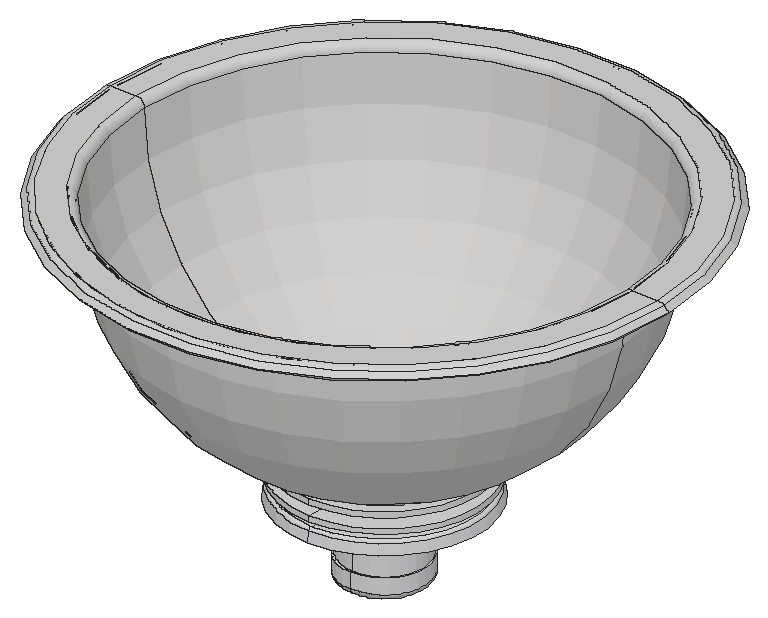
Revit family "Sink-Undermount-Kitchen-KOHLER-Undertone-K-3339_1", category Plumbing Fixtures, host Face, Revit 2017
Family settings
  Host = Face
  Round Connector Dimension = Use Diameter
  Part Type = Normal
  OmniClass Number = 23.31.13.00
  OmniClass Title = Sinks
  Cut with Voids When Loaded = No
  Shared = No
  Room Calculation Point = No
Parameters (values of type "NA-Stainless Steel")
  Width = 13 5/8"  # constant formula
  WaterSense Certified = 1 = 0  # no
  Waste Water Outlet = "Waste Water Outlet"  # constant formula
  Waste Connection = 1 = 1  # yes
  Vent Connection = 1 = 0  # no
  URL = "https://www.us.kohler.com/us/"
  Type = 1
  Product Page URL = "http://www.us.kohler.com/us/catalog/productDetails.jsp?productNumber=3339"
  Product Name = "Undertone"  # constant formula
  Product Documentation Link = "https://www.us.kohler.com/webassets/kpna/catalog/pdf/en/K-3339_spec.pdf"
  Model = "K-3339-NA"  # constant formula
  Material = "Premium 18-Gauge Stainless Steel"  # constant formula
  MasterFormat 2004 = "22.41.16"  # constant formula
  MasterFormat 1995 = "15410"  # constant formula
  Manufacturer Address = "444 Highland Dr, Kohler, WI 53044"  # constant formula
  Manufacturer = "KOHLER Co."  # constant formula
  Length = 13 5/8"  # constant formula
  Hot Water Inlet = "Hot Water Inlet"  # constant formula
  Height = 5 1/2"  # constant formula
  HW Connection = 1 = 0  # no
  Finish = Kohler-Metal-NA-Stainless
  Environmental Product Declaration = ""
  Drain Included = 1 = 0  # no
  Description = "13-5/8inch diameter x 5-1/2inch Undermount single-bowl kitchen sink"  # constant formula
  Default Elevation = 36"
  Declare Label = ""
  Date Modified = "03/02/2020"  # constant formula
  Date Created = "03/02/2020"  # constant formula
  Copyright = "Copyright KOHLER Co."  # constant formula
  Contact Us = "https://www.us.kohler.com/us/static/contact.jsp"
  Cold Water Inlet = "Cold Water Inlet"  # constant formula
  CW Connection = 1 = 0  # no
  Assembly Code = "D2010400"
  ADA Compliant = 1 = 0  # no
Reference planes (in)
  plane 1 "Center (Front/Back)": y = 0
  plane 2: z = 0
  plane 3 "Center (Left/Right)": x = 0
  plane 4: z = -1
  plane 5: y = 6.8125
  plane 6: y = -6.8125
  plane 7: x = -6.8125
  plane 8: x = 6.8125
  plane 9: z = -9.185
  plane 10: z = -6.5
  plane 11: y = 5.6875
  plane 12: y = -5.6875
  plane 13: x = -5.6875
  plane 14: x = 5.6875
  plane 15: z = -1.25
Forms (in)
  Extrusion 1, void
    sketch origin (0, 0, 0) x (1, 0, 0) y (0, 1, 0)
      loop
        circle (0, 0) r 5.75
    from -1 to 0
  Extrusion 2, void
    sketch origin (0, 0, 0) x (1, 0, 0) y (0, 1, 0)
      loop
        circle (0, 0) r 6.8125
    from -1 to -9.185
Dimensions and locks (in)
  locked: level to plane 4 at 1
  locked: plane 4 to plane 9 at 8.185
  "Height": plane 4 to plane 10
  "Width": plane 7 to plane 8
  "Length": plane 6 to plane 5
  locked: plane 4 to plane 15 at 0.25
  locked: plane 12 to plane 6 at 1.125
  locked: plane 7 to plane 3 "Center (Left/Right)" at 6.8125
  aligned and locked: plane 2 to host face
  aligned and locked: level to host face
  aligned and locked: plane 1 "Center (Front/Back)" to nested 1
  aligned and locked: plane 3 "Center (Left/Right)" to nested 1
Automatic sketch dimensions
  host sketch curve to host sketch curve = 96"  (x2)
  plane 1 "Center (Front/Back)" to Extrusion 2 sketch curve = 0"
  Extrusion 2 sketch curve to plane 3 "Center (Left/Right)" = 0"
  radius of Extrusion 2 sketch curve = 6 13/16"
Nested families (in)
  nested 1: "K-3339" at (0, 0, -1), type "K-3339"
Connectors (in)
  piping at (0, 0, -9.0488), diameter 1.5, driven by "Waste Connection", driven by "Waste Water Outlet"
    settings: on nested 1, index 1, connector inside diameter 24", connector length 0", flow factor 0, pipe flow 0 GPM, pressure drop 0.00 psi, fitting loss kfactor 0, connector angle 0.00°, fixture units 0, engagement length 0", angle of deflection 0.00°, flow configuration 0, flow direction 2, fitting loss method 0, system type 16, joint type 0, gender type 0, connector reference index -1, connector utility 1, adjustable connector no, is connector primary yes, connector description "Waste Water Outlet"
Definition of nested family "K-3339"
  Parameters (values of type "K-3339")
    Material = none
  Reference planes (in)
    plane 1 "Center (Front/Back)": y = 0
    plane 2: z = 0
    plane 3 "Center (Left/Right)": x = 0
    plane 4: z = -0.25
    plane 5: y = 6.8125
    plane 6: y = -6.8125
    plane 7: x = -6.8125
    plane 8: x = 6.8125
    plane 9: z = -5.5
    plane 10: y = 5.6875
    plane 11: y = -5.6875
    plane 12: x = -5.6875
    plane 13: x = 5.6875
    plane 14: z = -8.185
  Forms (in)
    Revolve 1, solid, material <- "Material", detail levels medium+fine
      sketch origin (0, 0, 0) x (1, 0, 0) y (0, 0, 1)
        loop
          arc (-6.55904, 0) -> (-6.63519, -0.01584) -> (-6.69872, -0.06073) r 0.19098
          line (-6.69872, -0.06073) -> (-6.8125, -0.18275) -> (-6.74038, -0.25) -> (-6.59764, -0.09693)
          arc (-6.59764, -0.09693) -> (-6.54647, -0.06076) -> (-6.48512, -0.048) r 0.15386
          line (-6.48512, -0.048) -> (-5.94222, -0.048)
          arc (-5.94222, -0.048) -> (-5.83928, -0.09124) -> (-5.79809, -0.19502) r 0.14416
          arc (-5.79809, -0.19502) -> (-4.89383, -3.27685) -> (-2.38614, -5.28356) r 5.34334
          arc (-2.38614, -5.28356) -> (-2.37214, -5.29144) -> (-2.36093, -5.30296) r 0.05629
          line (-2.36093, -5.30296) -> (-2.30604, -5.37851)
          arc (-2.30604, -5.37851) -> (-2.28711, -5.39742) -> (-2.26324, -5.40951) r 0.0851
          line (-2.26324, -5.40951) -> (-1.98169, -5.5) -> (-1.96615, -5.45165) -> (-2.23515, -5.3652)
          arc (-2.23515, -5.3652) -> (-2.25609, -5.35459) -> (-2.27271, -5.338) r 0.07467
          line (-2.27271, -5.338) -> (-2.30736, -5.29031)
          arc (-2.30736, -5.29031) -> (-2.3428, -5.25379) -> (-2.38707, -5.22869) r 0.1795
          arc (-2.38707, -5.22869) -> (-4.85763, -3.23963) -> (-5.74731, -0.1952) r 5.29256
          arc (-5.74731, -0.1952) -> (-5.80197, -0.05741) -> (-5.93864, 0) r 0.19138
          line (-5.93864, 0) -> (-6.55904, 0)
        axis (0, 0) -> (0, -5.5)
      angle from 0 to 360
    Revolve 2, solid, detail levels medium+fine
      sketch origin (0, 0, 0) x (0, 1, 0) y (0, 0, 1)
        loop
          line (0.75, -8.185) -> (0.86622, -8.185)
          arc (0.86622, -8.185) -> (0.95551, -8.14801) -> (0.9925, -8.05872) r 0.12628
          line (0.9925, -8.05872) -> (0.9925, -7.695) -> (0.93922, -7.695) -> (0.93922, -7.21492)
          arc (0.93922, -7.21492) -> (0.9845, -7.06681) -> (1.10486, -6.96935) r 0.26486
          line (1.10486, -6.96935) -> (1.55815, -6.78621)
          arc (1.55815, -6.78621) -> (1.64955, -6.7122) -> (1.68393, -6.59972) r 0.20113
          line (1.68393, -6.59972) -> (1.68393, -6.495) -> (2.28977, -6.495) -> (2.24831, -6.25985)
          arc (2.24831, -6.25985) -> (2.22147, -6.21336) -> (2.17103, -6.195) r 0.07848
          line (2.17103, -6.195) -> (1.68393, -6.195) -> (1.68393, -6.055) -> (2.25, -6.055) -> (2.25, -5.935) -> (1.68393, -5.935) -> (1.68393, -5.695) -> (2.25, -5.695) -> (2.25, -5.57) -> (1.77552, -5.57) -> (1.77552, -5.43627) -> (2.24609, -5.35329) -> (2.24609, -5.32) -> (1.80686, -5.32) -> (1.75904, -5.36782)
          arc (1.75904, -5.36782) -> (1.6411, -5.43579) -> (1.59451, -5.56369) r 0.19886
          line (1.59451, -5.56369) -> (1.59451, -6.50631)
          arc (1.59451, -6.50631) -> (1.56042, -6.61782) -> (1.4698, -6.69119) r 0.1994
          line (1.4698, -6.69119) -> (1.12172, -6.83183) -> (0, -6.83183) -> (0, -8.0488) -> (0.75, -8.0488) -> (0.75, -8.185)
        axis (0, -5.32) -> (0, -8.185)
      angle from 0 to 360
    Revolve 3, solid, detail levels medium+fine
      sketch origin (0, 0, 0) x (0, 1, 0) y (0, 0, 1)
        loop
          line (1.7515, -5.32) -> (1.67753, -5.32)
          arc (1.67753, -5.32) -> (1.5712, -5.36242) -> (1.52327, -5.46639) r 0.15448
          line (1.52327, -5.46639) -> (1.49134, -6.07561)
          arc (1.49134, -6.07561) -> (1.46207, -6.1391) -> (1.39714, -6.165) r 0.09432
          line (1.39714, -6.165) -> (0.28119, -6.165) -> (0.28119, -6.01545)
          arc (0.28119, -6.01545) -> (0.26934, -5.98685) -> (0.24074, -5.975) r 0.04045
          line (0.24074, -5.975) -> (0.14838, -5.975) -> (0.14838, -5.32) -> (0.2604, -5.32)
          arc (0.2604, -5.32) -> (0.30964, -5.27882) -> (0.27782, -5.22307) r 0.05003
          arc (0.27782, -5.22307) -> (0.14113, -5.18572) -> (0, -5.17314) r 0.79797
          line (0, -5.17314) -> (0, -6.195) -> (1.39792, -6.195)
          arc (1.39792, -6.195) -> (1.48299, -6.16106) -> (1.52133, -6.07788) r 0.12358
          line (1.52133, -6.07788) -> (1.55338, -5.46641)
          arc (1.55338, -5.46641) -> (1.59064, -5.38558) -> (1.6733, -5.3526) r 0.12009
          line (1.6733, -5.3526) -> (1.7515, -5.3526) -> (1.7515, -5.32)
        axis (0, -5.17314) -> (0, -6.195)
      angle from 0 to 360
    Extrusion 4, void
      sketch origin (0, 0, 0) x (1, 0, 0) y (0, 1, 0)
        loop
          circle (0, 0.62436) r 0.09485
        loop
          circle (0, 0.95261) r 0.09485
        loop
          circle (0, 1.28075) r 0.09485
        loop
          circle (0.31218, 0.54071) r 0.09485
        loop
          circle (0.62436, 0) r 0.09485
        loop
          circle (0.54071, 0.31218) r 0.09485
        loop
          circle (0.29437, 0.90599) r 0.09485
        loop
          circle (0.55993, 0.77068) r 0.09485
        loop
          circle (0.77068, 0.55993) r 0.09485
        loop
          circle (0.90599, 0.29437) r 0.09485
        loop
          circle (0.95261, 0) r 0.09485
        loop
          circle (0.28527, 1.24858) r 0.09485
        loop
          circle (0.5484, 1.13023) r 0.09485
        loop
          circle (0.79921, 1.00079) r 0.09485
        loop
          circle (1.00205, 0.79764) r 0.09485
        loop
          circle (1.15454, 0.5544) r 0.09485
        loop
          circle (1.24902, 0.28331) r 0.09485
        loop
          circle (1.28075, 0) r 0.09485
        loop
          circle (-0.31218, 0.54071) r 0.09485
        loop
          circle (-0.54071, 0.31218) r 0.09485
        loop
          circle (-0.29437, 0.90599) r 0.09485
        loop
          circle (-0.55993, 0.77068) r 0.09485
        loop
          circle (-0.77068, 0.55993) r 0.09485
        loop
          circle (-0.90599, 0.29437) r 0.09485
        loop
          circle (-0.28527, 1.24858) r 0.09485
        loop
          circle (-0.55622, 1.15367) r 0.09485
        loop
          circle (-0.79921, 1.00079) r 0.09485
        loop
          circle (-1.00205, 0.79764) r 0.09485
        loop
          circle (-1.15454, 0.5544) r 0.09485
        loop
          circle (-1.24902, 0.28331) r 0.09485
        loop
          circle (-0.62436, 0) r 0.09485
        loop
          circle (-0.95261, 0) r 0.09485
        loop
          circle (-1.28075, 0) r 0.09485
        loop
          circle (0, -0.62436) r 0.09485
        loop
          circle (0, -0.95261) r 0.09485
        loop
          circle (0, -1.28075) r 0.09485
        loop
          circle (0.31218, -0.54071) r 0.09485
        loop
          circle (0.54071, -0.31218) r 0.09485
        loop
          circle (0.29437, -0.90599) r 0.09485
        loop
          circle (0.55993, -0.77068) r 0.09485
        loop
          circle (0.77068, -0.55993) r 0.09485
        loop
          circle (0.90599, -0.29437) r 0.09485
        loop
          circle (0.28527, -1.24858) r 0.09485
        loop
          circle (0.55622, -1.15367) r 0.09485
        loop
          circle (0.79921, -1.00079) r 0.09485
        loop
          circle (1.00205, -0.79764) r 0.09485
        loop
          circle (1.15454, -0.5544) r 0.09485
        loop
          circle (1.24902, -0.28331) r 0.09485
        loop
          circle (-0.31218, -0.54071) r 0.09485
        loop
          circle (-0.54071, -0.31218) r 0.09485
        loop
          circle (-0.29437, -0.90599) r 0.09485
        loop
          circle (-0.55993, -0.77068) r 0.09485
        loop
          circle (-0.77068, -0.55993) r 0.09485
        loop
          circle (-0.90599, -0.29437) r 0.09485
        loop
          circle (-0.28527, -1.24858) r 0.09485
        loop
          circle (-0.55622, -1.15367) r 0.09485
        loop
          circle (-0.79921, -1.00079) r 0.09485
        loop
          circle (-1.00205, -0.79764) r 0.09485
        loop
          circle (-1.15454, -0.5544) r 0.09485
        loop
          circle (-1.24902, -0.28331) r 0.09485
      from -6.35843 to -5.935
    Revolve 5, solid, material <- "Material", detail levels coarse
      sketch origin (0, 0, 0) x (1, 0, 0) y (0, 0, 1)
        loop
          arc (-5.7989, -0.25) -> (-4.66352, -3.59447) -> (-1.68971, -5.5) r 5.34334
          line (-1.68971, -5.5) -> (0, -5.5) -> (0, -5.39844) -> (-1.67777, -5.39844)
          arc (-1.67777, -5.39844) -> (-4.66328, -3.42733) -> (-5.68893, 0) r 5.24178
          line (-5.68893, 0) -> (-6.8125, 0) -> (-6.8125, -0.25) -> (-5.7989, -0.25)
        axis (0, 0) -> (0, -5.5)
      angle from 0 to 360
    Extrusion 6, solid, material <- "Material", detail levels coarse
      sketch origin (0, 0, 0) x (1, 0, 0) y (0, 1, 0)
        loop
          circle (0, 0) r 1.68971
      from -8.185 to -5.5
  Cuts and joins
    joined: Revolve 5, Extrusion 6
    Extrusion 4 cuts Revolve 3
    joined: Revolve 2, Revolve 3
  Lines and regions (in)
    Masking region 1
      outline origin (0, 0, 0) x (1, 0, 0) y (0, 0, 1)
        loop
          arc (-6.55904, 0) -> (-6.63519, -0.01584) -> (-6.69872, -0.06073) r 0.19098
          line (-6.69872, -0.06073) -> (-6.8125, -0.18275) -> (-6.74038, -0.25) -> (-5.7989, -0.25)
          arc (-5.7989, -0.25) -> (-4.87846, -3.29965) -> (-2.38614, -5.28356) r 5.34334
          arc (-2.38614, -5.28356) -> (-2.37214, -5.29144) -> (-2.36093, -5.30296) r 0.05629
          line (-2.36093, -5.30296) -> (-2.30604, -5.37851)
          arc (-2.30604, -5.37851) -> (-2.28711, -5.39742) -> (-2.26324, -5.40951) r 0.0851
          line (-2.26324, -5.40951) -> (-1.98169, -5.5) -> (-1.77552, -5.5) -> (-1.77552, -5.57) -> (-2.25, -5.57) -> (-2.25, -5.695) -> (-1.68393, -5.695) -> (-1.68393, -5.935) -> (-2.25, -5.935) -> (-2.25, -6.055) -> (-1.68393, -6.055) -> (-1.68393, -6.195) -> (-2.17103, -6.195)
          arc (-2.17103, -6.195) -> (-2.22147, -6.21336) -> (-2.24831, -6.25985) r 0.07848
          line (-2.24831, -6.25985) -> (-2.28977, -6.495) -> (-1.68393, -6.495) -> (-1.68393, -6.59972)
          arc (-1.68393, -6.59972) -> (-1.64955, -6.7122) -> (-1.55815, -6.78621) r 0.20113
          line (-1.55815, -6.78621) -> (-1.10486, -6.96935)
          arc (-1.10486, -6.96935) -> (-0.9845, -7.06681) -> (-0.93922, -7.21492) r 0.26486
          line (-0.93922, -7.21492) -> (-0.93922, -7.695) -> (-0.9925, -7.695) -> (-0.9925, -8.05872)
          arc (-0.9925, -8.05872) -> (-0.95551, -8.14801) -> (-0.86622, -8.185) r 0.12628
          line (-0.86622, -8.185) -> (0.86622, -8.185)
          arc (0.86622, -8.185) -> (0.95551, -8.14801) -> (0.9925, -8.05872) r 0.12628
          line (0.9925, -8.05872) -> (0.9925, -7.695) -> (0.93922, -7.695) -> (0.93922, -7.21492)
          arc (0.93922, -7.21492) -> (0.9845, -7.06681) -> (1.10486, -6.96935) r 0.26486
          line (1.10486, -6.96935) -> (1.55815, -6.78621)
          arc (1.55815, -6.78621) -> (1.64955, -6.7122) -> (1.68393, -6.59972) r 0.20113
          line (1.68393, -6.59972) -> (1.68393, -6.495) -> (2.28977, -6.495) -> (2.24831, -6.25985)
          arc (2.24831, -6.25985) -> (2.22147, -6.21336) -> (2.17103, -6.195) r 0.07848
          line (2.17103, -6.195) -> (1.68393, -6.195) -> (1.68393, -6.055) -> (2.25, -6.055) -> (2.25, -5.935) -> (1.68393, -5.935) -> (1.68393, -5.695) -> (2.25, -5.695) -> (2.25, -5.57) -> (1.77552, -5.57) -> (1.77552, -5.5) -> (1.98169, -5.5) -> (2.26324, -5.40951)
          arc (2.26324, -5.40951) -> (2.28711, -5.39742) -> (2.30604, -5.37851) r 0.0851
          line (2.30604, -5.37851) -> (2.36093, -5.30296)
          arc (2.36093, -5.30296) -> (2.37214, -5.29144) -> (2.38614, -5.28356) r 0.05629
          arc (2.38614, -5.28356) -> (4.87846, -3.29965) -> (5.7989, -0.25) r 5.34334
          line (5.7989, -0.25) -> (6.74038, -0.25) -> (6.8125, -0.18275) -> (6.69872, -0.06073)
          arc (6.69872, -0.06073) -> (6.63519, -0.01584) -> (6.55904, 0) r 0.19098
          line (6.55904, 0) -> (-6.55904, 0)
    Masking region 2
      outline origin (0, 0, 0) x (0, 1, 0) y (0, 0, 1)
        loop
          line (6.55904, 0) -> (-6.55904, 0)
          arc (-6.55904, 0) -> (-6.63519, -0.01584) -> (-6.69872, -0.06073) r 0.19098
          line (-6.69872, -0.06073) -> (-6.8125, -0.18275) -> (-6.74038, -0.25) -> (-5.7989, -0.25)
          arc (-5.7989, -0.25) -> (-4.87846, -3.29965) -> (-2.38614, -5.28356) r 5.34334
          arc (-2.38614, -5.28356) -> (-2.37214, -5.29144) -> (-2.36093, -5.30296) r 0.05629
          line (-2.36093, -5.30296) -> (-2.30604, -5.37851)
          arc (-2.30604, -5.37851) -> (-2.28711, -5.39742) -> (-2.26324, -5.40951) r 0.0851
          line (-2.26324, -5.40951) -> (-1.98169, -5.5) -> (-1.77552, -5.5) -> (-1.77552, -5.57) -> (-2.25, -5.57) -> (-2.25, -5.695) -> (-1.68393, -5.695) -> (-1.68393, -5.935) -> (-2.25, -5.935) -> (-2.25, -6.055) -> (-1.68393, -6.055) -> (-1.68393, -6.195) -> (-2.17103, -6.195)
          arc (-2.17103, -6.195) -> (-2.22147, -6.21336) -> (-2.24831, -6.25985) r 0.07848
          line (-2.24831, -6.25985) -> (-2.28977, -6.495) -> (-1.68393, -6.495) -> (-1.68393, -6.59972)
          arc (-1.68393, -6.59972) -> (-1.64955, -6.7122) -> (-1.55815, -6.78621) r 0.20113
          line (-1.55815, -6.78621) -> (-1.10486, -6.96935)
          arc (-1.10486, -6.96935) -> (-0.9845, -7.06681) -> (-0.93922, -7.21492) r 0.26486
          line (-0.93922, -7.21492) -> (-0.93922, -7.695) -> (-0.9925, -7.695) -> (-0.9925, -8.05872)
          arc (-0.9925, -8.05872) -> (-0.95551, -8.14801) -> (-0.86622, -8.185) r 0.12628
          line (-0.86622, -8.185) -> (0.86622, -8.185)
          arc (0.86622, -8.185) -> (0.95551, -8.14801) -> (0.9925, -8.05872) r 0.12628
          line (0.9925, -8.05872) -> (0.9925, -7.695) -> (0.93922, -7.695) -> (0.93922, -7.21492)
          arc (0.93922, -7.21492) -> (0.9845, -7.06681) -> (1.10486, -6.96935) r 0.26486
          line (1.10486, -6.96935) -> (1.55815, -6.78621)
          arc (1.55815, -6.78621) -> (1.64955, -6.7122) -> (1.68393, -6.59972) r 0.20113
          line (1.68393, -6.59972) -> (1.68393, -6.495) -> (2.28977, -6.495) -> (2.24831, -6.25985)
          arc (2.24831, -6.25985) -> (2.22147, -6.21336) -> (2.17103, -6.195) r 0.07848
          line (2.17103, -6.195) -> (1.68393, -6.195) -> (1.68393, -6.055) -> (2.25, -6.055) -> (2.25, -5.935) -> (1.68393, -5.935) -> (1.68393, -5.695) -> (2.25, -5.695) -> (2.25, -5.57) -> (1.77552, -5.57) -> (1.77552, -5.5) -> (1.98169, -5.5) -> (2.26324, -5.40951)
          arc (2.26324, -5.40951) -> (2.28711, -5.39742) -> (2.30604, -5.37851) r 0.0851
          line (2.30604, -5.37851) -> (2.36093, -5.30296)
          arc (2.36093, -5.30296) -> (2.37214, -5.29144) -> (2.38614, -5.28356) r 0.05629
          arc (2.38614, -5.28356) -> (4.87846, -3.29965) -> (5.7989, -0.25) r 5.34334
          line (5.7989, -0.25) -> (6.74038, -0.25) -> (6.8125, -0.18275) -> (6.69872, -0.06073)
          arc (6.69872, -0.06073) -> (6.63519, -0.01584) -> (6.55904, 0) r 0.19098
    Masking region 3
      outline origin (0, 0, 0) x (1, 0, 0) y (0, 1, 0)
        loop
          circle (0, 0) r 6.8125
    symbolic lines, detail levels medium+fine
      curve 1: line (-1.77552, 0, -5.5) -> (1.77552, 0, -5.5)
      curve 2: line (1.77552, 0, -5.57) -> (-1.77552, 0, -5.57)
      curve 3: line (-1.68393, 0, -5.695) -> (1.68393, 0, -5.695)
      curve 4: line (1.68393, 0, -5.935) -> (-1.68393, 0, -5.935)
      curve 5: line (-1.68393, 0, -6.055) -> (1.68393, 0, -6.055)
      curve 6: line (1.68393, 0, -6.195) -> (-1.68393, 0, -6.195)
      curve 7: line (-1.68393, 0, -6.495) -> (1.68393, 0, -6.495)
      curve 8: line (-0.93922, 0, -7.695) -> (0.93922, 0, -7.695)
      curve 9: line (-2.38614, 0, -5.28356) -> (2.38614, 0, -5.28356)
      curve 10: line (-5.7989, 0, -0.25) -> (5.7989, 0, -0.25)
      curve 11: line (0, 0.93922, -7.695) -> (0, -0.93922, -7.695)
      curve 12: line (0, 1.68393, -6.495) -> (0, -1.68393, -6.495)
      curve 13: line (0, 1.68393, -6.195) -> (0, -1.68393, -6.195)
      curve 14: line (0, -1.68393, -6.055) -> (0, 1.68393, -6.055)
      curve 15: line (0, 1.68393, -5.935) -> (0, -1.68393, -5.935)
      curve 16: line (0, -1.68393, -5.695) -> (0, 1.68393, -5.695)
      curve 17: line (0, 1.77552, -5.57) -> (0, -1.77552, -5.57)
      curve 18: line (0, -1.77552, -5.5) -> (0, 1.77552, -5.5)
      curve 19: line (0, 2.38614, -5.28356) -> (0, -2.38614, -5.28356)
      curve 20: line (0, 5.7989, -0.25) -> (0, -5.7989, -0.25)
      curve 22: circle (0, 0, 0) r 2.24609 normal (0, 0, 1)
      curve 23: circle (0, 0, 0) r 1.7515 normal (0, 0, 1)
      curve 24: circle (0, 0, 0) r 0.28119 normal (0, 0, 1)
      curve 26: circle (0, 0.62436, 0) r 0.09485 normal (0, 0, 1)
      curve 27: circle (0, 0.95261, 0) r 0.09485 normal (0, 0, 1)
      curve 28: circle (0, 1.28075, 0) r 0.09485 normal (0, 0, 1)
      curve 29: circle (0.31218, 0.54071, 0) r 0.09485 normal (0, 0, 1)
      curve 30: circle (0.62436, 0, 0) r 0.09485 normal (0, 0, 1)
      curve 31: circle (0.54071, 0.31218, 0) r 0.09485 normal (0, 0, 1)
      curve 32: circle (0.29437, 0.90599, 0) r 0.09485 normal (0, 0, 1)
      curve 33: circle (0.55993, 0.77068, 0) r 0.09485 normal (0, 0, 1)
      curve 34: circle (0.77068, 0.55993, 0) r 0.09485 normal (0, 0, 1)
      curve 35: circle (0.90599, 0.29437, 0) r 0.09485 normal (0, 0, 1)
      curve 36: circle (0.95261, 0, 0) r 0.09485 normal (0, 0, 1)
      curve 37: circle (0.28527, 1.24858, 0) r 0.09485 normal (0, 0, 1)
      curve 38: circle (0.5484, 1.13023, 0) r 0.09485 normal (0, 0, 1)
      curve 39: circle (0.79921, 1.00079, 0) r 0.09485 normal (0, 0, 1)
      curve 40: circle (1.00205, 0.79764, 0) r 0.09485 normal (0, 0, 1)
      curve 41: circle (1.15454, 0.5544, 0) r 0.09485 normal (0, 0, 1)
      curve 42: circle (1.24902, 0.28331, 0) r 0.09485 normal (0, 0, 1)
      curve 43: circle (1.28075, 0, 0) r 0.09485 normal (0, 0, 1)
      curve 44: circle (-0.31218, 0.54071, 0) r 0.09485 normal (0, 0, -1)
      curve 45: circle (-0.54071, 0.31218, 0) r 0.09485 normal (0, 0, -1)
      curve 46: circle (-0.29437, 0.90599, 0) r 0.09485 normal (0, 0, -1)
      curve 47: circle (-0.55993, 0.77068, 0) r 0.09485 normal (0, 0, -1)
      curve 48: circle (-0.77068, 0.55993, 0) r 0.09485 normal (0, 0, -1)
      curve 49: circle (-0.90599, 0.29437, 0) r 0.09485 normal (0, 0, -1)
      curve 50: circle (-0.28527, 1.24858, 0) r 0.09485 normal (0, 0, -1)
      curve 51: circle (-0.55622, 1.15367, 0) r 0.09485 normal (0, 0, -1)
      curve 52: circle (-0.79921, 1.00079, 0) r 0.09485 normal (0, 0, -1)
      curve 53: circle (-1.00205, 0.79764, 0) r 0.09485 normal (0, 0, -1)
      curve 54: circle (-1.15454, 0.5544, 0) r 0.09485 normal (0, 0, -1)
      curve 55: circle (-1.24902, 0.28331, 0) r 0.09485 normal (0, 0, -1)
      curve 56: circle (-0.62436, 0, 0) r 0.09485 normal (0, 0, -1)
      curve 57: circle (-0.95261, 0, 0) r 0.09485 normal (0, 0, -1)
      curve 58: circle (-1.28075, 0, 0) r 0.09485 normal (0, 0, -1)
      curve 59: circle (0, -0.62436, 0) r 0.09485 normal (0, 0, -1)
      curve 60: circle (0, -0.95261, 0) r 0.09485 normal (0, 0, -1)
      curve 61: circle (0, -1.28075, 0) r 0.09485 normal (0, 0, -1)
      curve 62: circle (0.31218, -0.54071, 0) r 0.09485 normal (0, 0, -1)
      curve 63: circle (0.54071, -0.31218, 0) r 0.09485 normal (0, 0, -1)
      curve 64: circle (0.29437, -0.90599, 0) r 0.09485 normal (0, 0, -1)
      curve 65: circle (0.55993, -0.77068, 0) r 0.09485 normal (0, 0, -1)
      curve 66: circle (0.77068, -0.55993, 0) r 0.09485 normal (0, 0, -1)
      curve 67: circle (0.90599, -0.29437, 0) r 0.09485 normal (0, 0, -1)
      curve 68: circle (0.28527, -1.24858, 0) r 0.09485 normal (0, 0, -1)
      curve 69: circle (0.55622, -1.15367, 0) r 0.09485 normal (0, 0, -1)
      curve 70: circle (0.79921, -1.00079, 0) r 0.09485 normal (0, 0, -1)
      curve 71: circle (1.00205, -0.79764, 0) r 0.09485 normal (0, 0, -1)
      curve 72: circle (1.15454, -0.5544, 0) r 0.09485 normal (0, 0, -1)
      curve 73: circle (1.24902, -0.28331, 0) r 0.09485 normal (0, 0, -1)
      curve 74: circle (-0.31218, -0.54071, 0) r 0.09485 normal (0, 0, 1)
      curve 75: circle (-0.54071, -0.31218, 0) r 0.09485 normal (0, 0, 1)
      curve 76: circle (-0.29437, -0.90599, 0) r 0.09485 normal (0, 0, 1)
      curve 77: circle (-0.55993, -0.77068, 0) r 0.09485 normal (0, 0, 1)
      curve 78: circle (-0.77068, -0.55993, 0) r 0.09485 normal (0, 0, 1)
      curve 79: circle (-0.90599, -0.29437, 0) r 0.09485 normal (0, 0, 1)
      curve 80: circle (-0.28527, -1.24858, 0) r 0.09485 normal (0, 0, 1)
      curve 81: circle (-0.55622, -1.15367, 0) r 0.09485 normal (0, 0, 1)
      curve 82: circle (-0.79921, -1.00079, 0) r 0.09485 normal (0, 0, 1)
      curve 83: circle (-1.00205, -0.79764, 0) r 0.09485 normal (0, 0, 1)
      curve 84: circle (-1.15454, -0.5544, 0) r 0.09485 normal (0, 0, 1)
      curve 85: circle (-1.24902, -0.28331, 0) r 0.09485 normal (0, 0, 1)
    symbolic lines
      curve 21: circle (0, 0, 0) r 5.6875 normal (0, 0, 1)
      curve 25: circle (0, 0, 0) r 1.77552 normal (0, 0, 1)
  Dimensions and locks (in)
    locked: level to plane 4 at 0.25
    locked: level to plane 9 at 5.5
    locked: plane 7 to plane 3 "Center (Left/Right)" at 6.8125
    locked: plane 7 to plane 8 at 13.625
    locked: plane 5 to plane 6 at 13.625
    locked: plane 5 to plane 1 "Center (Front/Back)" at 6.8125
    locked: plane 5 to plane 10 at 1.125
    aligned and locked: plane 2 to level
